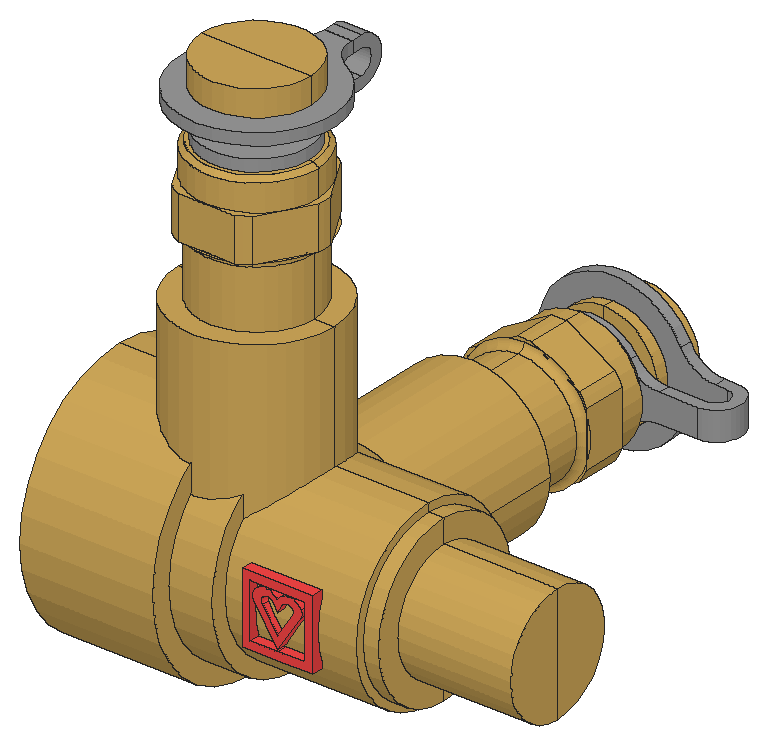
Revit family "HERZ измерительная диафрагма 4000", category Rohrzubehör, Revit 2019
Family settings
  Bemaßung runder Anschluss = Durchmesser verwenden
  Teiletyp = Unterbricht
  OmniClass-Nummer = 23.65.55.14
  OmniClass-Titel = Valves for Liquid Services
  Arbeitsebenenbasiert = Nein
  Immer vertikal = Ja
  Beim Laden mit Abzugskörper schneiden = Nein
  Gemeinsam genutzt = Nein
Parameters
  Среда = "Качество теплоносителя в соответствии с ÖNORM H5195 и VDI 2035.\r\nДопускается использование этилен- и пропиленгликоля в объемном соотношении 25-50 % с водой."
  Применение = "HERZ-измерительные диафрагмы устанавливаются на участках трубопроводов в системах отопления и холодоснабжения.\r\nИзмерительные диафрагмы могут устанавливаться как на подающей, так и на обратной линиях.\r\nОни устанавливаются либо вплотную к HERZ балансировочному клапану, образуя комплект, либо используются вместе с HERZ запорным клапаном.\r\nУчастки балансируются с помощью настроек балансировочного клапана при измерении потери давления на измерительной диафрагме."
  Номер заказа [instance] = size_lookup("4000_", "Artnr", 0, Nennweite)  # 1400001
  Мин. рабочая температура = -20 °C  # constant formula
  Макс. рабочее давление = 2000000.0 Pa  # constant formula
  Корпус = "латунь, CC770S"  # constant formula
  Исполнение = "Корпус измерительной диафрагмы выполнен из латуни, устойчивой к селективной цинковой коррозии.\r\nДва измерительных клапана встроены в диафрагму.\r\nСогласно EN 10226 на входе в диафрагму - муфта с внутренней резьба Rp и на выходе - наружная резьба R."
  kvs-значения [instance] = if(Nennweite = 15.00 mm, 2.2, if(Nennweite = 20.00 mm, 4.25, if(Nennweite = 25.00 mm, 8.6, if(Nennweite = 32.00 mm, 15.9, if(Nennweite = 40.00 mm, 23.7, if(Nennweite = 50.00 mm, 48, 0))))))  # 2.2
  URL = "www.herz-armaturen.ru"
  SCRNSEQ = "AWI;AWI_TYP=\"1001\";02"
  SCRNCODE = "02;01;02"  # constant formula
  S03 = 10.00 mm  # constant formula
  S02 [instance] = S01 - 10.00 mm  # 17.50 mm
  S01 [instance] = H01  # 27.50 mm
  R01 [instance] = size_lookup("4000_", "R1", 1.00 mm, Nennweite)  # 10.00 mm
  Nennweite [instance] = 15.00 mm
  Измерительные клапаны = "латунь, CW602N"  # constant formula
  Макс. рабочая температура (до DN32) = 130 °C  # constant formula
  Макс. рабочая температура (от DN40) = 110 °C  # constant formula
  LO01 [instance] = if(Nennweite = 15.00 mm, 30.00 mm, if(Nennweite = 20.00 mm, 32.00 mm, if(Nennweite = 25.00 mm, 37.00 mm, if(Nennweite = 32.00 mm, 42.00 mm, if(Nennweite = 40.00 mm, 42.00 mm, if(Nennweite = 50.00 mm, 45.00 mm, 0.00 mm))))))  # 30.00 mm
  L05 [instance] = size_lookup("4000_", "L5", 1.00 mm, Nennweite)  # 23.00 mm
  L04 [instance] = size_lookup("4000_", "L4", 1.00 mm, Nennweite)  # 16.50 mm
  L03 [instance] = size_lookup("4000_", "L3", 1.00 mm, Nennweite)  # 22.60 mm
  L02 [instance] = size_lookup("4000_", "L2", 1.00 mm, Nennweite)  # 17.00 mm
  L01 [instance] = size_lookup("4000_", "L1", 1.00 mm, Nennweite)  # 17.50 mm
  L00 [instance] = size_lookup("4000_", "L", 1.00 mm, Nennweite)  # 56.00 mm
  IG [instance] = Nennweite / 2  # 7.50 mm
  Hersteller = "HERZ Armaturen Ges.m.b.H."  # constant formula
  H01 [instance] = size_lookup("4000_", "H1", 1.00 mm, Nennweite)  # 27.50 mm
  GT1 [instance] = size_lookup("4000_", "GT1", 1.00 mm, Nennweite)  # 14.50 mm
  GT [instance] = size_lookup("4000_", "GT", 1.00 mm, Nennweite)  # 13.00 mm
  D04 [instance] = D03 - 1.00 mm  # 10.50 mm
  D03 [instance] = size_lookup("4000_", "D3", 1.00 mm, Nennweite)  # 11.50 mm
  D02 [instance] = size_lookup("4000_", "D2", 1.00 mm, Nennweite)  # 13.50 mm
  D01 [instance] = size_lookup("4000_", "D1", 1.00 mm, Nennweite)  # 16.00 mm
  AG [instance] = Nennweite / 2  # 7.50 mm
Reference planes
  plane 1 "Mitte (Vorne/hinten)": y = 0
  plane 2: z = 0
  plane 3 "Mitte (Links/rechts)": x = 0
Forms (mm)
  Revolve 1, solid, material "Messing, weicher Gelbton, geschweißt", detail levels fine
    sketch origin (0, 0, 0) x (1, 0, 0) y (0, 0, 1)
      loop
        line (-4.5, 0) -> (38.5, 0) -> (38.5, 7.5) -> (24, 7.5) -> (24, 10.5) -> (22, 10.5) -> (22, 11.5) -> (5.1, 11.5) -> (5.1, 13.5) -> (-0.5, 13.5) -> (-0.5, 16) -> (-17.5, 16) -> (-17.5, 7.5) -> (-4.5, 7.5) -> (-4.5, 0)
      axis (-17.5, 0) -> (38.5, 0)
    angle from 0 to 360
  Revolve 2, solid, material "Messing, weicher Gelbton, geschweißt", detail levels fine
    sketch origin (0, 0, 0) x (1, 0, 0) y (0, 0, 1)
      loop
        line (-10, 7.5) -> (0, 7.5) -> (0, 27.5) -> (-10, 27.5) -> (-10, 7.5)
      axis (0, 27.5) -> (0, 7.5)
    angle from 0 to 360
  Revolve 3, solid, material "Messing, weicher Gelbton, geschweißt", detail levels fine
    sketch origin (0, 0, 0) x (1, 0, 0) y (0, 1, 0)
      loop
        line (5.5, 7.5) -> (15.5, 7.5) -> (15.5, 27.5) -> (5.5, 27.5) -> (5.5, 7.5)
      axis (5.5, 27.5) -> (5.5, 7.5)
    angle from 0 to 360
Lines and regions (mm)
  model lines, detail levels coarse+medium
    curve 1: line (-17.5, 0, 0) -> (0.5, 0, 0)
    curve 2: line (10.5, 0, -27.5) -> (10.5, 0, 27.5)
    curve 3: line (20.5, 0, 17.5) -> (20.5, 0, -17.5)
    curve 4: line (20.5, 0, 0) -> (38.5, 0, 0)
    curve 5: line (0.5, 0, 17.5) -> (0.5, 0, -17.5)
    curve 6: line (-17.5, 0, 0) -> (0.5, 0, 0)
    curve 7: line (10.5, 27.5, 0) -> (10.5, -27.5, 0)
    curve 8: line (0.5, 17.5, 0) -> (0.5, -17.5, 0)
    curve 9: line (20.5, 17.5, 0) -> (20.5, -17.5, 0)
    curve 10: line (20.5, 0, 0) -> (38.5, 0, 0)
Dimensions and locks
  "L00": Revolve 1 sketch curve to Revolve 1 sketch curve
  "GT": Revolve 1 sketch curve to Revolve 1 sketch curve
  "L01": plane 3 "Mitte (Links/rechts)" to Revolve 1 sketch curve
  "GT1": Revolve 1 sketch curve to Revolve 1 sketch curve
  "L02": Revolve 1 sketch curve to Revolve 1 sketch curve
  "L03": Revolve 1 sketch curve to Revolve 1 sketch curve
  "L04": Revolve 1 sketch curve to Revolve 1 sketch curve
  "AG": Revolve 1 sketch curve to plane 2
  "IG": Revolve 1 sketch curve to plane 2
  "D01": Revolve 1 sketch curve to plane 2
  "D02": Revolve 1 sketch curve to plane 2
  "D03": Revolve 1 sketch curve to plane 2
  "D04": Revolve 1 sketch curve to plane 2
  "D03": nested 1 to plane 1 "Mitte (Vorne/hinten)"
  "LO01": Revolve 1 to nested 1
  "IG": Revolve 2 sketch curve to plane 2
  "H01": Revolve 2 sketch curve to plane 2
  "R01": plane 3 "Mitte (Links/rechts)" to Revolve 2 sketch curve
  "H01": nested 2 to plane 2
  "IG": plane 1 "Mitte (Vorne/hinten)" to Revolve 3 sketch curve
  "H01": plane 1 "Mitte (Vorne/hinten)" to Revolve 3 sketch curve
  "R01": Revolve 3 sketch curve to Revolve 3 sketch curve
  "L05": Revolve 1 to Revolve 3 sketch curve  (x2)
  "H01": plane 1 "Mitte (Vorne/hinten)" to nested 3
  "L05": Revolve 1 to nested 3
  "L01": Revolve 1 to nested 2
  "S01": curve 2 to curve 4 to curve 2
  "L00": curve 1 to curve 4
  "S02": curve 3 to curve 4 to curve 3
  "S03": curve 2 to curve 3
  "S03": curve 2 to curve 5
  equal spacing: curve 4, curve 2, curve 1
  "S02": curve 5 to curve 1 to curve 5
  "L01": plane 3 "Mitte (Links/rechts)" to curve 1
  "L00": curve 6 to curve 10
  equal spacing: curve 6, curve 7, curve 10
  "S03": curve 8 to curve 7 to curve 9
  "S02": curve 9 to curve 10 to curve 9
  "S02": curve 8 to curve 6 to curve 8
  "S01": curve 7 to curve 10 to curve 7
  "L01": curve 6 to plane 3 "Mitte (Links/rechts)"
  aligned and locked: level to plane 2
Automatic sketch dimensions
  curve 4 to level = 0.00 mm
  curve 1 to level = 0.00 mm
  plane 1 "Mitte (Vorne/hinten)" to curve 10 = 0.00 mm
  plane 1 "Mitte (Vorne/hinten)" to curve 6 = 0.00 mm
  Revolve 1 sketch curve to level = 0.00 mm  (x2)
  Revolve 1 sketch curve to Revolve 1 sketch curve = 1489.03 mm
  Revolve 1 sketch curve to Revolve 1 sketch curve = 1800.648 mm
  Revolve 2 sketch curve to plane 3 "Mitte (Links/rechts)" = 0.00 mm  (x2)
  Revolve 2 sketch curve to level = 366.045 mm
  Revolve 2 sketch curve to Revolve 2 sketch curve = 2186.815 mm
  Revolve 3 sketch curve to Revolve 3 sketch curve = 0.00 mm  (x2)
Nested families
  nested 1: "Herz-Logo-vorne" at (12.5, -11.5, 0) x (0, 1, 0) z (0, 0, 1), type "Herz-Logo-vorne", detail levels fine
  nested 2: "Messstutzen_Band_Eintritt_senkrecht_(oben)" at (0, 0, 18.5), type "Messstutzen_Band_Eintritt_senkrecht_(oben)", detail levels fine
    with Schutzkappe yes, Nennweite 0.00 mm, Gewicht 0.00 kg, Bestellnummer 0
  nested 3: "Messstutzen_Band_Austritt_waagrecht" at (5.5, 18.5, 0) x (0, -1, 0) z (0, 0, 1), type "Messstutzen_Band_Austritt_waagrecht", detail levels fine
    with Schutzkappe yes, Nennweite 0.00 mm, Gewicht 0.00 kg, Bestellnummer 0
Connectors
  piping at (-4.5, 0, 0), diameter 15, driven by "Nennweite"
    settings: on Revolve 1, index 1, connector inside diameter 609.6 mm, connector length 0.00 mm, flow factor 0, pipe flow 0.0 L/s, pressure drop 0.0 Pa, fitting loss kfactor 0, connector angle 0.00°, fixture units 0, engagement length 0.00 mm, angle of deflection 0.00°, flow configuration 0, flow direction 1, fitting loss method 0, system type 29, joint type 0, gender type 0, connector reference index -1, connector utility 0, adjustable connector no, is connector primary yes, connector description ""
  piping at (38.5, 0, 0), diameter 15, driven by "Nennweite"
    settings: on Revolve 1, index 2, connector inside diameter 609.6 mm, connector length 0.00 mm, flow factor 0, pipe flow 0.0 L/s, pressure drop 0.0 Pa, fitting loss kfactor 0, connector angle 0.00°, fixture units 0, engagement length 0.00 mm, angle of deflection 0.00°, flow configuration 0, flow direction 2, fitting loss method 0, system type 29, joint type 0, gender type 0, connector reference index -1, connector utility 0, adjustable connector no, is connector primary no, connector description ""
Definition of nested family "Herz-Logo-vorne"
  Reference planes
    plane 1 "Mitte (Vorne/hinten)": y = 0
    plane 2: z = 0
    plane 3 "Mitte (Links/rechts)": x = 0
  Forms (mm)
    Extrusion 1, solid
      sketch origin (0.732, -0.018, 0.017) x (0, -1, 0) y (0, 0, 1)
        loop
          line (-0.018, -4.517) -> (4.482, -4.517) -> (4.482, 4.483) -> (-4.518, 4.483) -> (-4.518, -4.517) -> (-0.018, -4.517)
        loop
          line (-0.05, -3.48) -> (3.482, -3.48) -> (3.482, 3.483) -> (-3.518, 3.483) -> (-3.518, -3.48) -> (-0.05, -3.48)
        loop
          arc (-0.018, 2.383) -> (-1.543, 3.287) -> (-3.067, 2.383) r 1.738
          arc (-3.067, 2.383) -> (-3.191, 1.899) -> (-3.067, 1.415) r 1.009
          line (-3.067, 1.415) -> (-0.018, -3.281) -> (3.032, 1.415)
          arc (3.032, 1.415) -> (3.156, 1.899) -> (3.032, 2.383) r 1.009
          arc (3.032, 2.383) -> (1.507, 3.287) -> (-0.018, 2.383) r 1.738
        loop
          arc (1.885, 1.272) -> (2.005, 1.675) -> (1.885, 2.079) r 0.74
          arc (1.885, 2.079) -> (1.265, 2.416) -> (0.644, 2.079) r 0.74
          line (0.644, 2.079) -> (-0.018, 0.97) -> (-0.679, 2.079)
          arc (-0.679, 2.079) -> (-1.3, 2.416) -> (-1.921, 2.079) r 0.74
          arc (-1.921, 2.079) -> (-2.04, 1.675) -> (-1.921, 1.272) r 0.74
          line (-1.921, 1.272) -> (-0.018, -1.658) -> (1.885, 1.272)
      from 0 to 1.5
  Dimensions and locks
    aligned and locked: level to plane 2
Definition of nested family "Messstutzen_Band_Eintritt_senkrecht_(oben)"
  Parameters (values of type "Messstutzen_Band_Eintritt_senkrecht_(oben)")
    URL = "www.herz-armaturen.at"
    Schutzkappe [instance] = yes
    Nennweite [instance] = 0.00 mm
    Manufacturer = "Herz Armaturen GmbH"  # constant formula
    Gewicht [instance] = 0.00 kg
    Bestellnummer [instance] = 0
  Reference planes
    plane 1 "Mitte (Vorne/hinten)": y = 0
    plane 2: z = 0
    plane 3 "Mitte (Links/rechts)": x = 0
    plane 4 "Schlaufe 1": z = -27
    plane 5 "Schlaufe 2": z = -31.678
  Forms (mm)
    Revolve 1, solid, detail levels fine
      sketch origin (0, 0, 0) x (1, 0, 0) y (0, 0, 1)
        loop
          line (-7.4, 9) -> (-5.55, 9) -> (-5.55, 6)
          arc (-5.55, 6) -> (-5.626, 5.617) -> (-5.843, 5.293) r 1
          line (-5.843, 5.293) -> (-6.455, 4.681) -> (-6.455, 0.9) -> (-5.555, 0) -> (-2, 0) -> (-2, 17.5) -> (-8.4, 17.5)
          arc (-8.4, 17.5) -> (-7.693, 17.207) -> (-7.4, 16.5) r 1
          line (-7.4, 16.5) -> (-7.4, 9)
        loop
          line (-3.7, 27) -> (-7.3, 27) -> (-7.9, 26.4) -> (-7.9, 23) -> (-2, 23) -> (-2, 35.8) -> (-3.805, 35.8) -> (-4.415, 35.19) -> (-4.415, 30.863) -> (-3.7, 30.45) -> (-3.7, 27)
        axis (0, 0) -> (0, 35.8)
      angle from 0 to 360
    Extrusion 2, solid, detail levels fine
      sketch origin (0, 0, 17.5) x (0, 1, 0) y (-1, 0, 0)
        loop
          arc (-7.07, 5.156) -> (-7.578, 4.375) -> (-8, 3.544) r 8.75
          line (-8, 3.544) -> (-8, -3.544)
          arc (-8, -3.544) -> (-7.578, -4.375) -> (-7.07, -5.156) r 8.75
          line (-7.07, -5.156) -> (-0.93, -8.7)
          arc (-0.93, -8.7) -> (0, -8.75) -> (0.93, -8.7) r 8.75
          line (0.93, -8.7) -> (7.07, -5.156)
          arc (7.07, -5.156) -> (7.578, -4.375) -> (8, -3.544) r 8.75
          line (8, -3.544) -> (8, 3.544)
          arc (8, 3.544) -> (7.578, 4.375) -> (7.07, 5.156) r 8.75
          line (7.07, 5.156) -> (0.93, 8.7)
          arc (0.93, 8.7) -> (0, 8.75) -> (-0.93, 8.7) r 8.75
          line (-0.93, 8.7) -> (-7.07, 5.156)
      from 0 to 5.5
    Revolve 3, solid, visible <- "Schutzkappe", detail levels fine
      sketch origin (0, 0, 0) x (1, 0, 0) y (0, 0, 1)
        loop
          line (0, 35.878) -> (0, 36.678) -> (-7, 36.678) -> (-7, 33.378) -> (-6.1, 33.378) -> (-6.1, 31.678) -> (-6.9, 31.678) -> (-6.9, 30.178) -> (-4.415, 30.178) -> (-4.415, 35.268) -> (-3.805, 35.878) -> (0, 35.878)
        axis (0, 30.178) -> (0, 36.678)
      angle from 0 to 360
    Extrusion 4, solid, detail levels fine
      sketch origin (0, 0, 28.5) x (1, 0, 0) y (0, 1, 0)
        loop
          circle (0, 0) r 3.7
        loop
          arc (-3.906, 5.505) -> (0, -6.75) -> (3.906, 5.505) r 6.75
          arc (3.906, 5.505) -> (2.358, 7.288) -> (1.8, 9.582) r 5
          line (1.8, 9.582) -> (-1.8, 9.582)
          arc (-1.8, 9.582) -> (-2.358, 7.288) -> (-3.906, 5.505) r 5
      from 0 to -1.5
    Extrusion 5, solid, detail levels fine
      sketch origin (0, 0, 33.178) x (1, 0, 0) y (0, 1, 0)
        loop
          circle (0, 0) r 6.1
        loop
          arc (-4.495, 8.652) -> (0, -9.75) -> (4.495, 8.652) r 9.75
          arc (4.495, 8.652) -> (2.527, 10.493) -> (1.8, 13.089) r 5
          line (1.8, 13.089) -> (-1.8, 13.089)
          arc (-1.8, 13.089) -> (-2.527, 10.493) -> (-4.495, 8.652) r 5
      from 0 to -1.5
    Sweep 6, solid, detail levels fine
      path origin (0, 0, 0) x (0, 0, -1) y (0, -1, 0)
        loop
          line (-27.75, -9.582) -> (-27.75, -14.522)
          arc (-27.75, -14.522) -> (-30.089, -16.862) -> (-32.428, -14.522) r 2.339
          line (-32.428, -14.522) -> (-32.428, -13.089)
      profile origin (0, 12.052, 27.75) x (0, 0, 1) y (1, 0, 0)
        loop
          line (-0.75, -1.8) -> (0.75, -1.8) -> (0.75, 1.8) -> (-0.75, 1.8) -> (-0.75, -1.8)
  Dimensions and locks
    aligned and locked: level to plane 2
Definition of nested family "Messstutzen_Band_Austritt_waagrecht"
  Parameters (values of type "Messstutzen_Band_Austritt_waagrecht")
    URL = "www.herz-armaturen.at"
    Schutzkappe [instance] = yes
    Nennweite [instance] = 0.00 mm
    Manufacturer = "Herz Armaturen GmbH"  # constant formula
    Gewicht [instance] = 0.00 kg
    Bestellnummer [instance] = 0
  Reference planes
    plane 1 "Mitte (Vorne/hinten)": y = 0
    plane 2: z = 0
    plane 3 "Mitte (Links/rechts)": x = 0
  Forms (mm)
    Revolve 1, solid, detail levels fine
      sketch origin (0, 0, 0) x (0, 0, -1) y (1, 0, 0)
        loop
          line (-7.4, -9) -> (-7.4, -16.5)
          arc (-7.4, -16.5) -> (-7.693, -17.207) -> (-8.4, -17.5) r 1
          line (-8.4, -17.5) -> (-2, -17.5) -> (-2, 0) -> (-5.555, 0) -> (-6.455, -0.9) -> (-6.455, -4.681) -> (-5.843, -5.293)
          arc (-5.843, -5.293) -> (-5.626, -5.617) -> (-5.55, -6) r 1
          line (-5.55, -6) -> (-5.55, -9) -> (-7.4, -9)
        loop
          line (-3.7, -27) -> (-3.7, -30.45) -> (-4.415, -30.863) -> (-4.415, -35.19) -> (-3.805, -35.8) -> (-2, -35.8) -> (-2, -23) -> (-7.9, -23) -> (-7.9, -26.4) -> (-7.3, -27) -> (-3.7, -27)
        axis (0, 0) -> (0, -35.8)
      angle from 0 to 360
    Extrusion 2, solid, detail levels fine
      sketch origin (-17.5, 0, 0) x (0, 0, 1) y (0, 1, 0)
        loop
          line (5.156, -7.07) -> (8.7, -0.93)
          arc (8.7, -0.93) -> (8.75, 0) -> (8.7, 0.93) r 8.75
          line (8.7, 0.93) -> (5.156, 7.07)
          arc (5.156, 7.07) -> (4.375, 7.578) -> (3.544, 8) r 8.75
          line (3.544, 8) -> (-3.544, 8)
          arc (-3.544, 8) -> (-4.375, 7.578) -> (-5.156, 7.07) r 8.75
          line (-5.156, 7.07) -> (-8.7, 0.93)
          arc (-8.7, 0.93) -> (-8.75, 0) -> (-8.7, -0.93) r 8.75
          line (-8.7, -0.93) -> (-5.156, -7.07)
          arc (-5.156, -7.07) -> (-4.375, -7.578) -> (-3.544, -8) r 8.75
          line (-3.544, -8) -> (3.544, -8)
          arc (3.544, -8) -> (4.375, -7.578) -> (5.156, -7.07) r 8.75
      from 0 to 5.5
    Revolve 3, solid, visible <- "Schutzkappe", detail levels fine
      sketch origin (0, 0, 0) x (0, 0, -1) y (1, 0, 0)
        loop
          line (0, -35.878) -> (-3.805, -35.878) -> (-4.415, -35.268) -> (-4.415, -30.178) -> (-6.9, -30.178) -> (-6.9, -31.678) -> (-6.1, -31.678) -> (-6.1, -33.378) -> (-7, -33.378) -> (-7, -36.678) -> (0, -36.678) -> (0, -35.878)
        axis (0, -30.178) -> (0, -36.678)
      angle from 0 to 360
    Extrusion 4, solid, detail levels fine
      sketch origin (-27, 0, 0) x (0, 1, 0) y (0, 0, 1)
        loop
          circle (0, 0) r 3.7
        loop
          arc (5.505, 3.906) -> (-6.75, 0) -> (5.505, -3.906) r 6.75
          arc (5.505, -3.906) -> (7.288, -2.358) -> (9.582, -1.8) r 5
          line (9.582, -1.8) -> (9.582, 1.8)
          arc (9.582, 1.8) -> (7.288, 2.358) -> (5.505, 3.906) r 5
      from 0 to -1.5
    Extrusion 5, solid, detail levels fine
      sketch origin (-31.678, 0, 0) x (0, 1, 0) y (0, 0, 1)
        loop
          circle (0, 0) r 6.1
        loop
          arc (8.652, 4.495) -> (-9.75, 0) -> (8.652, -4.495) r 9.75
          arc (8.652, -4.495) -> (10.493, -2.527) -> (13.089, -1.8) r 5
          line (13.089, -1.8) -> (13.089, 1.8)
          arc (13.089, 1.8) -> (10.493, 2.527) -> (8.652, 4.495) r 5
      from 0 to -1.5
    Sweep 6, solid, detail levels fine
      path origin (0, 0, 0) x (0, -1, 0) y (1, 0, 0)
        loop
          line (-9.582, -27.75) -> (-14.522, -27.75)
          arc (-14.522, -27.75) -> (-16.862, -30.089) -> (-14.522, -32.428) r 2.339
          line (-14.522, -32.428) -> (-13.089, -32.428)
      profile origin (-27.75, 12.052, 0) x (-1, 0, 0) y (0, 0, 1)
        loop
          line (-0.75, 1.8) -> (-0.75, -1.8) -> (0.75, -1.8) -> (0.75, 1.8) -> (-0.75, 1.8)
  Cuts and joins
    joined: Extrusion 4, Extrusion 5, Sweep 6
  Dimensions and locks
    aligned and locked: level to plane 2
